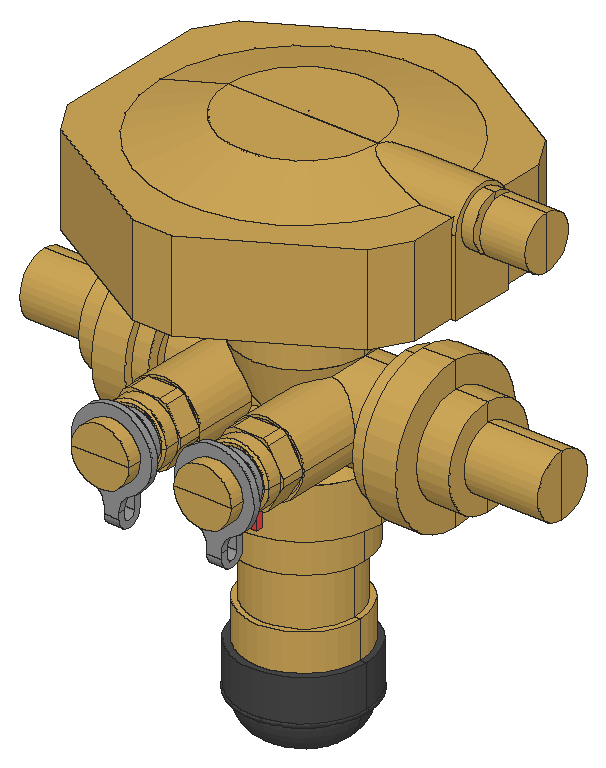
Revit family "Комби-клапан – регулятор расхода 4006_M", category Rohrzubehör, Revit 2018 (continued)
Definition of nested family "Messstutzen_Band_Austritt_senkrecht"
  Forms (mm)
    Revolve 1, solid, detail levels fine
      sketch origin (0, 0, 0) x (1, 0, 0) y (0, 0, 1)
        loop
          arc (-7.4, -16.5) -> (-7.693, -17.207) -> (-8.4, -17.5) r 1
          line (-8.4, -17.5) -> (-2, -17.5) -> (-2, 0) -> (-5.555, 0) -> (-6.455, -0.9) -> (-6.455, -4.681) -> (-5.843, -5.293)
          arc (-5.843, -5.293) -> (-5.626, -5.617) -> (-5.55, -6) r 1
          line (-5.55, -6) -> (-5.55, -9) -> (-7.4, -9)
        loop
          line (-3.7, -27) -> (-3.7, -30.45) -> (-4.415, -30.863) -> (-4.415, -35.19) -> (-3.805, -35.8) -> (-2, -35.8) -> (-2, -23) -> (-7.9, -23) -> (-7.9, -26.4) -> (-7.3, -27) -> (-3.7, -27)
        axis (0, 0) -> (0, -35.8)
      angle from 0 to 360
    Extrusion 2, solid, detail levels fine
      sketch origin (0, 0, -17.5) x (0, 1, 0) y (1, 0, 0)
        loop
          line (-7.07, -5.156) -> (-0.93, -8.7)
          arc (-0.93, -8.7) -> (0, -8.75) -> (0.93, -8.7) r 8.75
          line (0.93, -8.7) -> (7.07, -5.156)
          arc (7.07, -5.156) -> (7.578, -4.375) -> (8, -3.544) r 8.75
          line (8, -3.544) -> (8, 3.544)
          arc (8, 3.544) -> (7.578, 4.375) -> (7.07, 5.156) r 8.75
          line (7.07, 5.156) -> (0.93, 8.7)
          arc (0.93, 8.7) -> (0, 8.75) -> (-0.93, 8.7) r 8.75
          line (-0.93, 8.7) -> (-7.07, 5.156)
          arc (-7.07, 5.156) -> (-7.578, 4.375) -> (-8, 3.544) r 8.75
          line (-8, 3.544) -> (-8, -3.544)
          arc (-8, -3.544) -> (-7.578, -4.375) -> (-7.07, -5.156) r 8.75
      from 0 to 5.5
    Revolve 3, solid, visible <- "Schutzkappe", detail levels fine
      sketch origin (0, 0, 0) x (1, 0, 0) y (0, 0, 1)
        loop
          line (0, -35.878) -> (-3.805, -35.878) -> (-4.415, -35.268) -> (-4.415, -30.178) -> (-6.9, -30.178) -> (-6.9, -31.678) -> (-6.1, -31.678) -> (-6.1, -33.378) -> (-7, -33.378) -> (-7, -36.678) -> (0, -36.678) -> (0, -35.878)
        axis (0, -30.178) -> (0, -36.678)
      angle from 0 to 360
    Extrusion 4, solid, detail levels fine
      sketch origin (0, 0, -27) x (0, 1, 0) y (-1, 0, 0)
        loop
          circle (0, 0) r 3.7
        loop
          arc (5.505, 3.906) -> (-6.75, 0) -> (5.505, -3.906) r 6.75
          arc (5.505, -3.906) -> (7.288, -2.358) -> (9.582, -1.8) r 5
          line (9.582, -1.8) -> (9.582, 1.8)
          arc (9.582, 1.8) -> (7.288, 2.358) -> (5.505, 3.906) r 5
      from 0 to -1.5
    Extrusion 5, solid, detail levels fine
      sketch origin (0, 0, -31.678) x (0, 1, 0) y (-1, 0, 0)
        loop
          circle (0, 0) r 6.1
        loop
          arc (8.652, 4.495) -> (-9.75, 0) -> (8.652, -4.495) r 9.75
          arc (8.652, -4.495) -> (10.493, -2.527) -> (13.089, -1.8) r 5
          line (13.089, -1.8) -> (13.089, 1.8)
          arc (13.089, 1.8) -> (10.493, 2.527) -> (8.652, 4.495) r 5
      from 0 to -1.5
    Sweep 6, solid, detail levels fine
      path origin (0, 0, 0) x (0, 0, 1) y (0, -1, 0)
        loop
          line (-27.75, -9.582) -> (-27.75, -14.522)
          arc (-27.75, -14.522) -> (-30.089, -16.862) -> (-32.428, -14.522) r 2.339
          line (-32.428, -14.522) -> (-32.428, -13.089)
      profile origin (0, 12.052, -27.75) x (0, 0, 1) y (1, 0, 0)
        loop
          line (0.75, -1.8) -> (0.75, 1.8) -> (-0.75, 1.8) -> (-0.75, -1.8) -> (0.75, -1.8)
  Cuts and joins
    joined: Extrusion 4, Extrusion 5, Sweep 6
  Dimensions and locks
    aligned and locked: level to plane 2
